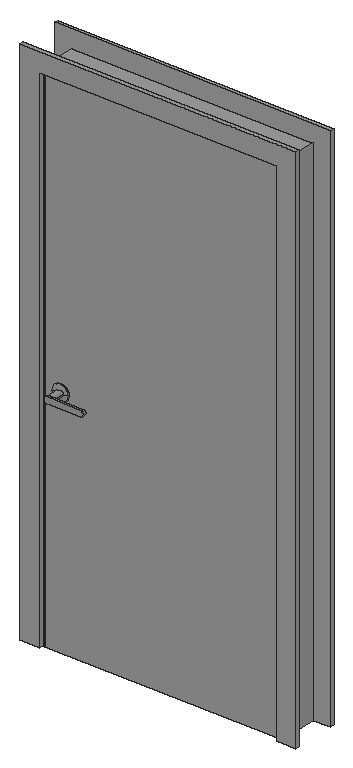
Revit family "Exterior Door- Timely", category Doors, host Wall, Revit 2019
Family settings
  Host = Wall
  Always vertical = Yes
  Cut with Voids When Loaded = No
  Shared = No
  Room Calculation Point = No
Parameters (values of type "36" X 80"")
  U-VALUE = 0
  Type Comments = "36"
  Thickness = 0' - 1 3/8"
  Tag # = 0
  Rough Width = Width + 0' 1 1/4"  # 3' - 1 1/4"
  Rough Height = Height + 0' 0 1/4"  # 6' - 8 1/4"
  MATERIAL = ""
  JAMB STUD = "1"
  JACK STUD = "1"
  ID Tag = "1"
  HEADER = "(2) 2x6 Laid Flat"
  HARDWARE = ""
  HAND = ""
  Function = Interior
  Fire Rating = ""
  FRAME = ""
  Door sweep [instance] = 45.00°
  Description = "3'-0\"x6'-8\""
  DESCRIPTION = "Timely, Hollow Metal Door"
  Assembly Code = "C1020"
  Door Material = Door - Panel
  Frame Material = Door - Frame
  Height = 6' - 8"
  Wall Closure = By host
  Width = 3' - 0"
  Analytic Construction = "<None>"
Types (2): name | Type Comments | Rough Width | JAMB STUD | JACK STUD | HEADER | Description | DESCRIPTION | Width
  36" X 80" | "36" | 3' - 1 1/4" | "1" | "1" | "(2) 2x6 Laid Flat" | "3'-0\"x6'-8\"" | "Timely, Hollow Metal Door" | 3' - 0"
  30" X 80" | "30" | 2' - 7 1/4" | "" | "" | "" | "2'-6\"x6'-8\"" | "" | 2' - 6"
Reference planes (in)
  plane 1: y = 0
  plane 2: z = 0
  plane 3: x = 0.52168
  plane 4 "Left": x = -17.47832
  plane 5: x = 18.52168
  plane 6: z = 80.25
  plane 7 "EXT FACE": y = -3
  plane 8 "INT FACE": y = 3
  plane 9 "Right": x = 18.52168
  plane 10: z = 79.25
  plane 11: y = -1.25
  plane 12: x = -17.10332
  plane 13: x = 18.14668
  plane 14: x = -14.97832
  plane 15: z = 36
Forms (in)
  Extrusion 1, solid, material "Door - Frame", not visible
    sketch origin (-60, 2.75, 0) x (1, 0, 0) y (0, 0, 1)
      loop
        line (78.3125, 80) -> (78.3125, 0) -> (81.3125, 0) -> (81.3125, 83) -> (38.6875, 83) -> (38.6875, 0) -> (41.6875, 0) -> (41.6875, 80) -> (78.3125, 80)
    from 0 to 0.5
  Sweep 2, solid, material "Door - Frame"
    path origin (0, 3, 0) x (1, 0, 0) y (0, 0, 1)
      loop
        line (18.52168, 0) -> (18.52168, 79.25) -> (-17.47832, 79.25) -> (-17.47832, 0)
    profile origin (18.52168, 3, 39.625) x (-1, 0, 0) y (0, -1, 0)
      loop
        line (0.375, 0) -> (0.375, 4.25) -> (0, 4.25) -> (0, 6) -> (-0.625, 6) -> (-0.625, 0) -> (0.375, 0)
  Sweep 3, solid, material "Door - Frame"
    path origin (0, 3, 0) x (1, 0, 0) y (0, 0, 1)
      loop
        line (-17.47832, 0) -> (-17.47832, 79.25) -> (18.52168, 79.25) -> (18.52168, 0)
    profile origin (-17.47832, 3, 39.625) x (-1, 0, 0) y (0, -1, 0)
      loop
        line (0.3125, 0) -> (0.3125, -0.625) -> (3.3125, -0.625) -> (3.3125, 0) -> (0.3125, 0)
  Sweep 4, solid, material "Door - Frame"
    path origin (0, -3, 0) x (0, 0, -1) y (-1, 0, 0)
      loop
        line (0, 17.47832) -> (-79.25, 17.47832) -> (-79.25, -18.52168) -> (0, -18.52168)
    profile origin (-17.47832, -3, 39.625) x (1, 0, 0) y (0, 1, 0)
      loop
        line (-0.3125, 0) -> (-3.3125, 0) -> (-3.3125, -0.625) -> (-0.3125, -0.625) -> (-0.3125, 0)
  Extrusion 5, solid, material "Default"
    sketch origin (0, -3, 0) x (0, 0, -1) y (-1, 0, 0)
      loop
        line (0, 17.47832) -> (-79.25, 17.47832) -> (-79.25, -18.52168) -> (0, -18.52168) -> (0, 17.47832)
    from 0 to 1.75
Lines and regions (in)
  Opening 1
    outline origin (-60, -3, 144) x (0, 0, -1) y (1, 0, 0)
      loop
        line (63.75, 41.52168) -> (144, 41.52168) -> (144, 79.52168) -> (63.75, 79.52168) -> (63.75, 41.52168)
  symbolic lines, style "Elevation Swing"
    curve 1: line (-17.47832, 0, 79.25) -> (18.52168, 0, 40.25)
    curve 2: line (-17.47832, 0, 0) -> (18.52168, 0, 40)
  symbolic lines, style "Plan Swing"
    curve 3: line (18.52168, -3, 0) -> (-6.93417, -28.45584, 0)
    curve 4: line (-6.93417, -28.45584, 0) -> (-8.1716, -27.21841, 0)
    curve 5: line (18.52168, -3, 0) -> (17.28424, -1.76256, 0)
    curve 6: line (-8.1716, -27.21841, 0) -> (17.28424, -1.76256, 0)
    curve 7: arc (-6.93417, -28.45584, 0) -> (-14.73798, -16.7766, 0) -> (-17.47832, -3, 0) r 36
Dimensions and locks (in)
  equal spacing: plane 4 "Left", plane 3, plane 5
  "Width": plane 4 "Left" to plane 5
  "Width": plane 4 "Left" to plane 9 "Right"
  "Rough Height": plane 6 to level
  locked: plane 6 to plane 10 at 1
  locked: Sweep 3 sketch curve to Sweep 2 at 0.3125
  locked: Sweep 4 sketch curve to plane 4 "Left" at 0.3125
  "Width": curve 4 to curve 5
  locked: curve 6 to curve 3 at 1.75
  locked: plane 11 to plane 7 "EXT FACE" at 1.75
  locked: plane 4 "Left" to plane 12 at 0.375
  locked: plane 13 to plane 9 "Right" at 0.375
  locked: plane 4 "Left" to plane 14 at 2.5
  "Door sweep": angle plane 7 "EXT FACE" to curve 3
  aligned and locked: plane 7 "EXT FACE" to host wall
  aligned and locked: plane 8 "INT FACE" to host wall
  aligned and locked: plane 4 "Left" to Sweep 2 sketch curve
  aligned and locked: plane 10 to Sweep 2 sketch curve
  aligned and locked: Sweep 2 sketch curve to plane 5
  aligned and locked: Sweep 2 sketch curve to host wall  (x2)
  aligned and locked: plane 11 to Extrusion 5
  aligned and locked: plane 11 to Sweep 2 sketch curve
  aligned and locked: Extrusion 5 to curve 2
  aligned and locked: Extrusion 5 to nested 1
  aligned and locked: nested 1 to plane 14
  aligned and locked: nested 2 to Extrusion 5
  aligned and locked: nested 2 to plane 14
Automatic sketch dimensions
  Extrusion 1 sketch curve to Extrusion 1 sketch curve = 0' - 3"  (x3)
  Extrusion 1 sketch curve to Extrusion 1 sketch curve = 3' - 0 5/8"
  Extrusion 1 sketch curve to Extrusion 1 sketch curve = 0' - 0"
  Extrusion 1 sketch curve to Extrusion 1 sketch curve = 6' - 8"
  Opening 1 sketch curve to plane 6 = 0' - 0"
  Opening 1 sketch curve to level = 0' - 0"
  plane 4 "Left" to Opening 1 sketch curve = 0' - 1"
  plane 5 to Opening 1 sketch curve = 0' - 1"
  host wall to curve 3 = 0' - 0"
  curve 3 to plane 5 = 0' - 0"
  host wall to curve 7 = 0' - 0"
  curve 7 to plane 4 "Left" = 0' - 0"
  Sweep 2 sketch curve to level = 0' - 0"  (x2)
  plane 4 "Left" to Sweep 3 sketch curve = 0' - 0"
  Sweep 3 sketch curve to plane 5 = 0' - 0"
  Sweep 3 sketch curve to plane 10 = 0' - 0"
  Sweep 3 sketch curve to level = 0' - 0"  (x2)
  plane 8 "INT FACE" to Sweep 3 sketch curve = 0' - 0"
  Sweep 3 sketch curve to plane 8 "INT FACE" = 0' - 0 5/8"
  Sweep 3 sketch curve to profile plane = 0' - 3 5/16"
  plane 4 "Left" to Sweep 4 sketch curve = 0' - 0"
  Sweep 4 sketch curve to plane 10 = 0' - 0"
  Sweep 4 sketch curve to plane 5 = 0' - 0"
  Sweep 4 sketch curve to level = 0' - 0"  (x2)
  Sweep 4 sketch curve to plane 7 "EXT FACE" = 0' - 0"
  profile plane to Sweep 4 sketch curve = 0' - 3 5/16"
  Sweep 4 sketch curve to plane 7 "EXT FACE" = 0' - 0 5/8"
  plane 4 "Left" to Extrusion 5 sketch curve = 0' - 0"
  Extrusion 5 sketch curve to plane 10 = 0' - 0"
  Extrusion 5 sketch curve to level = 0' - 0"
  Extrusion 5 sketch curve to plane 5 = 0' - 0"
  Sweep 2 sketch curve to profile plane = 0' - 0"
  Sweep 2 sketch curve to profile plane = 0' - 0 3/8"
  profile plane to Sweep 2 sketch curve = 0' - 0 5/8"
  plane 4 "Left" to curve 1 = 0' - 0"
  curve 1 to plane 10 = 0' - 0"
  plane 5 to curve 1 = 0' - 0"
  plane 5 to curve 2 = 0' - 0"
  plane 4 "Left" to curve 2 = 0' - 0"
  curve 1 to plane 10 = 3' - 3"
  curve 1 to curve 2 = 0' - 0 1/4"
Nested families (in)
  nested 1: "Lever Handle" at (-14.97832, -3, 36), type "Lever Handle"
  nested 2: "Lever Handle" at (-14.97832, -1.25, 36), type "Lever Handle"
Definition of nested family "Lever Handle"
  Reference planes (in)
    plane 1 "Center (Front/Back)": y = 0
    plane 2: z = 0
    plane 3 "Center (Left/Right)": x = 0
  Forms (in)
    Revolve 1, solid
      sketch origin (0, 0, 0) x (1, 0, 0) y (0, 1, 0)
        loop
          line (0, 0) -> (-1.25, 0) -> (-1.25, -0.125) -> (-0.5, -0.25) -> (-0.5, -2.125) -> (0, -2.125) -> (0, 0)
        axis (0, 0) -> (0, -2.125)
      angle from 0 to 360
    Extrusion 2, solid
      sketch origin (0, 0, 0) x (1, 0, 0) y (0, 0, 1)
        loop
          line (0.01048, -0.49989) -> (5.13415, -0.37489)
          arc (5.13415, -0.37489) -> (5.5, 0) -> (5.13415, 0.37489) r 0.375
          line (5.13415, 0.37489) -> (0.01391, 0.49981)
          arc (0.01391, 0.49981) -> (-0.5, 0.00172) -> (0.01048, -0.49989) r 0.5
      from 2.125 to 2.5
  Dimensions and locks (in)
    aligned and locked: plane 2 to level
